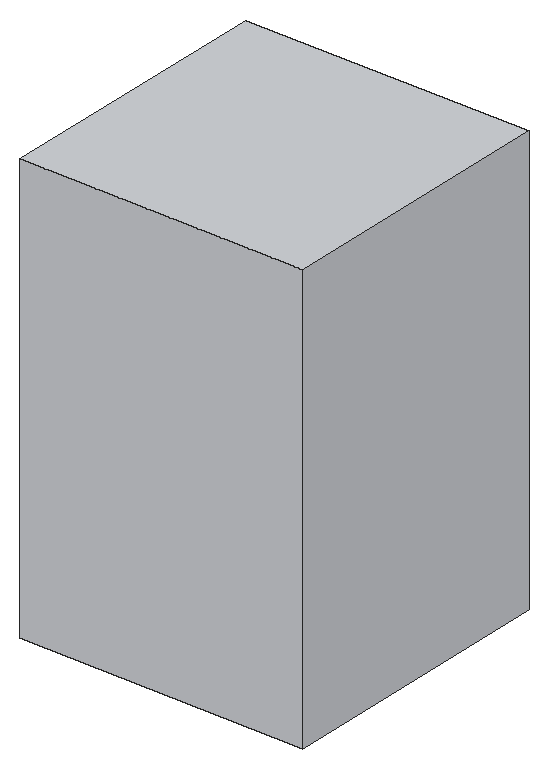
Revit family "AssetBundle", category Generic Models, Revit 2019
Family settings
  Can host rebar = No
  Round Connector Dimension = Use Diameter
  Part Type = Normal
  Work Plane-Based = No
  Always vertical = Yes
  Cut with Voids When Loaded = No
  Shared = No
  Room Calculation Point = No
Reference planes
  plane 1 "Center (Front/Back)": y = 0
  plane 2: z = 0
  plane 3 "Center (Left/Right)": x = 0
Forms (mm)
  Extrusion 1, solid
    sketch origin (0, 0, 0) x (1, 0, 0) y (0, 1, 0)
      loop
        line (-165.581, 143.712) -> (-165.581, -256.288) -> (234.419, -256.288) -> (234.419, 143.712) -> (-165.581, 143.712)
    from 0 to 607.204
Lines and regions (mm)
  symbolic lines
    curve 1: line (-659.149, 843.528, 0) -> (640.851, 843.528, 0)
    curve 2: line (-659.149, -856.472, 0) -> (-659.149, 843.528, 0)
    curve 3: line (640.851, -856.472, 0) -> (-659.149, -856.472, 0)
    curve 4: line (640.851, 843.528, 0) -> (640.851, -856.472, 0)
    curve 5: line (0, 843.528, 0) -> (0, -856.472, 0)
    curve 6: line (-659.149, 0, 0) -> (640.851, 0, 0)
Dimensions and locks
  aligned and locked: level to plane 2
